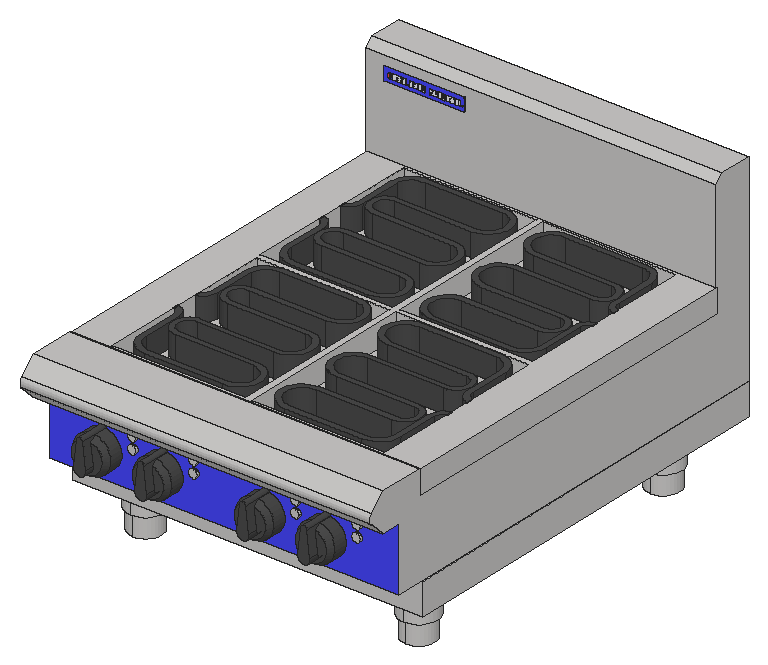
Revit family "QF_MOFFAT_BLUESEAL_CE_E514D-B", category Specialty Equipment, Revit 2012 (continued)
Definition of nested family "ELECTRIC BURNER 600"
  Automatic sketch dimensions
    Extrusion 2 sketch curve to Extrusion 2 sketch curve = 0.182 mm  (x8)
    Extrusion 2 sketch curve to Extrusion 2 sketch curve = 1.058 mm  (x6)
    Extrusion 2 sketch curve to Extrusion 2 sketch curve = 26.704 mm  (x6)
    Extrusion 2 sketch curve to Extrusion 2 sketch curve = 27.7 mm  (x14)
    Extrusion 2 sketch curve to Extrusion 2 sketch curve = 17.7 mm  (x8)
    Extrusion 2 sketch curve to Extrusion 2 sketch curve = 4.457 mm  (x2)
    Extrusion 2 sketch curve to Extrusion 2 sketch curve = 0.4 mm  (x2)
    Extrusion 2 sketch curve to Extrusion 2 sketch curve = 0.111 mm  (x4)
    Extrusion 2 sketch curve to Extrusion 2 sketch curve = 14.806 mm  (x2)
    Extrusion 2 sketch curve to Extrusion 2 sketch curve = 10.393 mm  (x2)
    Extrusion 2 sketch curve to Extrusion 2 sketch curve = 33.826 mm  (x2)
    Extrusion 2 sketch curve to Extrusion 2 sketch curve = 10.413 mm  (x4)
    Extrusion 2 sketch curve to Extrusion 2 sketch curve = 14.364 mm  (x2)
    Extrusion 2 sketch curve to Extrusion 2 sketch curve = 0.123 mm  (x4)
    Extrusion 2 sketch curve to Extrusion 2 sketch curve = 0.447 mm  (x4)
    Extrusion 2 sketch curve to plane 8 "Center X" = 4.75 mm  (x2)
    Extrusion 2 sketch curve to plane 8 "Center X" = 40.214 mm  (x2)
    Extrusion 2 sketch curve to Extrusion 2 sketch curve = 4.516 mm  (x2)
    Extrusion 2 sketch curve to Extrusion 2 sketch curve = 14.934 mm  (x2)
    Extrusion 2 sketch curve to Extrusion 2 sketch curve = 33.7 mm  (x2)
    Extrusion 2 sketch curve to Extrusion 2 sketch curve = 10.306 mm  (x2)
    Extrusion 2 sketch curve to Extrusion 2 sketch curve = 14.508 mm  (x2)
    Extrusion 2 sketch curve to Extrusion 2 sketch curve = 15.019 mm  (x2)
    plane 3 "LEFT" to Extrusion 2 sketch curve = 59.946 mm  (x2)
    plane 3 "LEFT" to Extrusion 2 sketch curve = 60.128 mm  (x2)
    Extrusion 2 sketch curve to Extrusion 2 sketch curve = 4.872 mm
    Extrusion 2 sketch curve to Extrusion 2 sketch curve = 5.667 mm  (x2)
    Extrusion 2 sketch curve to Extrusion 2 sketch curve = 5.484 mm
    Extrusion 2 sketch curve to Extrusion 2 sketch curve = 26.701 mm  (x4)
    Extrusion 2 sketch curve to Extrusion 2 sketch curve = 0.999 mm  (x6)
    Extrusion 2 sketch curve to Extrusion 2 sketch curve = 0.156 mm  (x2)
    Extrusion 2 sketch curve to Extrusion 2 sketch curve = 0.625 mm  (x2)
    Extrusion 2 sketch curve to Extrusion 2 sketch curve = 1.25 mm  (x4)
    Extrusion 2 sketch curve to plane 7 "Center Y" = 53.788 mm  (x3)
    plane 7 "Center Y" to Extrusion 2 sketch curve = 53.788 mm  (x3)
    plane 4 "RIGHT" to Extrusion 2 sketch curve = 114.862 mm
    plane 4 "RIGHT" to Extrusion 2 sketch curve = 114.237 mm
    Extrusion 2 sketch curve to Extrusion 2 sketch curve = 1.078 mm
    plane 4 "RIGHT" to Extrusion 2 sketch curve = 113.784 mm
    Extrusion 2 sketch curve to Extrusion 2 sketch curve = 0.453 mm
    Extrusion 2 sketch curve to Extrusion 2 sketch curve = 0.016 mm
    Extrusion 2 sketch curve to Extrusion 2 sketch curve = 0.172 mm  (x4)
    curve 1 to plane 4 "RIGHT" = 0.0 mm
    curve 1 to plane 3 "LEFT" = 0.0 mm
    plane 5 "FRONT" to curve 1 = 0.0 mm
    plane 3 "LEFT" to curve 3 = 65.8 mm
    curve 5 to plane 5 "FRONT" = 0.299 mm
    curve 5 to plane 7 "Center Y" = 5.638 mm
    plane 7 "Center Y" to curve 5 = 5.638 mm
    curve 7 to plane 8 "Center X" = 2.751 mm
    plane 4 "RIGHT" to curve 7 = 65.612 mm
    curve 4 to plane 8 "Center X" = 2.751 mm
    curve 10 to curve 16 = 0.0 mm  (x2)
    curve 12 to curve 14 = 0.0 mm  (x2)
    curve 18 to curve 44 = 0.0 mm  (x2)
    curve 22 to curve 40 = 0.0 mm  (x2)
    curve 26 to curve 36 = 0.0 mm  (x2)
    curve 30 to curve 32 = 0.0 mm  (x2)
    plane 7 "Center Y" to curve 44 = 53.788 mm
    curve 40 to curve 18 = 0.0 mm
    curve 37 to curve 23 = 0.0 mm
    plane 4 "RIGHT" to curve 39 = 114.237 mm
    plane 8 "Center X" to curve 28 = 10.75 mm
    plane 1 "BACK" to curve 17 = 9.75 mm
    curve 16 to curve 42 = 0.016 mm
    curve 41 to curve 21 = 0.156 mm
    curve 27 to curve 35 = 0.172 mm
    curve 39 to curve 23 = 0.625 mm
    curve 16 to curve 10 = 0.172 mm
    curve 9 to curve 10 = 0.999 mm
    curve 34 to curve 28 = 0.999 mm
    curve 10 to curve 10 = 26.701 mm
    curve 23 to curve 33 = 27.7 mm
    curve 11 to curve 14 = 10.0 mm
    curve 33 to curve 30 = 10.0 mm
    curve 15 to curve 14 = 10.3 mm
    curve 29 to curve 31 = 10.3 mm
    curve 15 to curve 14 = 15.784 mm
    curve 29 to curve 32 = 15.967 mm
    curve 27 to curve 36 = 10.0 mm
    curve 35 to curve 36 = 27.7 mm
    curve 25 to curve 38 = 17.7 mm
    curve 38 to curve 24 = 0.0 mm
    curve 30 to curve 23 = 4.516 mm
    curve 30 to curve 30 = 0.447 mm
    curve 29 to curve 32 = 0.123 mm
    curve 39 to curve 40 = 27.7 mm
    curve 32 to curve 13 = 33.826 mm
    curve 12 to curve 14 = 10.393 mm
    curve 13 to curve 12 = 14.296 mm
    curve 20 to curve 20 = 17.7 mm
    curve 42 to curve 20 = 0.0 mm
    curve 16 to curve 9 = 26.704 mm
    curve 46 to curve 72 = 0.0 mm  (x2)
    curve 50 to curve 68 = 0.0 mm  (x2)
    curve 54 to curve 64 = 0.0 mm  (x2)
    curve 56 to curve 62 = 0.0 mm  (x2)
    curve 58 to curve 60 = 0.0 mm  (x2)
    curve 74 to curve 80 = 0.0 mm  (x2)
    curve 76 to curve 78 = 0.0 mm  (x2)
    plane 3 "LEFT" to curve 58 = 59.946 mm
    plane 3 "LEFT" to curve 78 = 60.128 mm
    curve 76 to curve 77 = 5.484 mm
    curve 58 to curve 60 = 5.667 mm
    curve 58 to curve 60 = 15.967 mm
    curve 60 to curve 58 = 10.0 mm
    curve 75 to curve 80 = 10.0 mm
    curve 79 to curve 80 = 26.701 mm
    curve 57 to curve 62 = 26.701 mm
    curve 57 to curve 66 = 27.7 mm
    curve 79 to curve 69 = 27.7 mm
    curve 56 to curve 56 = 0.999 mm
    curve 74 to curve 45 = 0.999 mm
    curve 70 to curve 49 = 0.156 mm
    curve 80 to curve 73 = 0.172 mm
    curve 55 to curve 63 = 0.172 mm
    curve 66 to curve 52 = 0.625 mm
    curve 64 to plane 7 "Center Y" = 53.788 mm
    curve 51 to curve 64 = 0.0 mm
    plane 1 "BACK" to curve 73 = 9.75 mm
    plane 8 "Center X" to curve 63 = 10.75 mm
    curve 62 to curve 55 = 10.0 mm
    curve 54 to curve 64 = 27.7 mm
    curve 65 to curve 52 = 17.7 mm
    curve 66 to curve 52 = 0.0 mm
    curve 58 to curve 66 = 4.516 mm
    curve 58 to curve 60 = 0.447 mm
    curve 60 to curve 58 = 0.123 mm
    curve 50 to curve 68 = 27.7 mm
    curve 58 to curve 77 = 33.826 mm
    curve 77 to curve 76 = 10.393 mm
    curve 76 to curve 78 = 14.296 mm
    curve 69 to curve 70 = 17.7 mm
    curve 70 to curve 48 = 0.0 mm
    curve 74 to curve 80 = 26.704 mm
    curve 84 to curve 102 = 0.0 mm  (x2)
    curve 88 to curve 98 = 0.0 mm  (x2)
    curve 90 to curve 96 = 0.0 mm  (x2)
    curve 92 to curve 94 = 0.0 mm  (x2)
    curve 106 to curve 116 = 0.0 mm  (x2)
    curve 108 to curve 114 = 0.0 mm  (x2)
    curve 110 to curve 112 = 0.0 mm  (x2)
    plane 3 "LEFT" to curve 110 = 59.946 mm
    plane 3 "LEFT" to curve 92 = 60.128 mm
    curve 92 to curve 92 = 4.872 mm
    curve 110 to curve 112 = 5.667 mm
    curve 2 to curve 96 = 10.112 mm
    curve 3 to curve 108 = 10.112 mm
    curve 110 to curve 112 = 10.0 mm
    curve 94 to curve 91 = 10.0 mm
    curve 91 to curve 96 = 26.701 mm
    curve 113 to curve 108 = 26.701 mm
    curve 90 to curve 90 = 0.999 mm
    curve 90 to curve 99 = 0.999 mm
    curve 112 to curve 103 = 27.7 mm
    curve 114 to plane 8 "Center X" = 14.75 mm
    curve 114 to curve 62 = 0.172 mm
    curve 115 to curve 108 = 0.172 mm
    curve 90 to curve 97 = 0.172 mm
    curve 104 to curve 82 = 1.25 mm
    curve 100 to curve 87 = 1.25 mm
    curve 85 to plane 7 "Center Y" = 53.788 mm
    curve 89 to plane 5 "FRONT" = 25.75 mm
    curve 89 to plane 7 "Center Y" = 53.788 mm
    curve 105 to curve 103 = 0.0 mm
    curve 97 to curve 90 = 10.0 mm
    curve 89 to curve 95 = 25.464 mm
    curve 89 to curve 88 = 27.7 mm
    curve 100 to curve 86 = 17.7 mm
    curve 100 to curve 86 = 0.0 mm
    curve 92 to curve 100 = 4.457 mm
    curve 92 to curve 94 = 0.4 mm
    curve 94 to curve 92 = 0.111 mm
    curve 84 to curve 84 = 27.7 mm
    curve 93 to curve 111 = 33.7 mm
    curve 112 to curve 110 = 10.413 mm
    curve 110 to curve 113 = 14.364 mm
    curve 103 to curve 104 = 17.7 mm
    curve 104 to curve 82 = 0.0 mm
    curve 108 to curve 114 = 26.704 mm
    curve 120 to curve 138 = 0.0 mm  (x2)
    curve 124 to curve 134 = 0.0 mm  (x2)
    curve 126 to curve 132 = 0.0 mm  (x2)
    curve 128 to curve 130 = 0.0 mm  (x2)
    curve 142 to curve 152 = 0.0 mm  (x2)
    curve 144 to curve 150 = 0.0 mm  (x2)
    curve 146 to curve 148 = 0.0 mm  (x2)
    plane 7 "Center Y" to curve 141 = 53.788 mm
    curve 139 to curve 117 = 0.0 mm
    curve 135 to curve 120 = 0.0 mm
    plane 4 "RIGHT" to curve 136 = 114.862 mm
    curve 139 to curve 136 = 0.0 mm
    curve 151 to plane 8 "Center X" = 4.75 mm
    curve 151 to curve 28 = 0.0 mm
    curve 126 to plane 5 "FRONT" = 15.75 mm
    curve 126 to curve 7 = 48.172 mm
    curve 126 to curve 132 = 0.172 mm
    curve 141 to curve 117 = 1.25 mm
    curve 151 to curve 143 = 0.172 mm
    curve 135 to curve 123 = 1.25 mm
    curve 144 to curve 144 = 0.999 mm
    curve 133 to curve 126 = 0.999 mm
    curve 144 to curve 144 = 26.701 mm
    curve 126 to curve 132 = 26.701 mm
    curve 130 to curve 128 = 10.0 mm
    curve 146 to curve 148 = 10.0 mm
    curve 148 to curve 148 = 10.3 mm
    curve 127 to curve 129 = 10.912 mm
    curve 127 to curve 128 = 15.784 mm
    curve 147 to curve 146 = 5.667 mm
    curve 126 to curve 133 = 10.0 mm
    curve 132 to curve 127 = 25.464 mm
    curve 133 to curve 124 = 27.7 mm
    curve 123 to curve 122 = 17.7 mm
    curve 136 to curve 122 = 0.0 mm
    curve 128 to curve 121 = 4.457 mm
    curve 128 to curve 127 = 0.4 mm
    curve 128 to curve 130 = 0.111 mm
    curve 137 to curve 120 = 27.7 mm
    curve 130 to curve 146 = 33.7 mm
    curve 147 to curve 147 = 10.413 mm
    curve 147 to curve 146 = 14.364 mm
    curve 119 to curve 118 = 17.7 mm
    curve 140 to curve 118 = 0.0 mm
    curve 144 to curve 143 = 26.704 mm
    plane 1 "BACK" to Extrusion 1 sketch curve = 0.0 mm
    Extrusion 1 sketch curve to plane 9 = 0.0 mm  (x2)
    Extrusion 1 sketch curve to plane 3 "LEFT" = 0.0 mm
    plane 5 "FRONT" to Extrusion 1 sketch curve = 0.0 mm
    Extrusion 1 sketch curve to plane 4 "RIGHT" = 0.0 mm
    plane 1 "BACK" to Extrusion 1 sketch curve = 5.0 mm  (x2)
    plane 8 "Center X" to Extrusion 1 sketch curve = 4.849 mm  (x2)
    Extrusion 1 sketch curve to plane 8 "Center X" = 2.751 mm  (x2)
    Extrusion 1 sketch curve to plane 5 "FRONT" = 5.0 mm  (x2)
    Extrusion 1 sketch curve to plane 7 "Center Y" = 5.638 mm  (x2)
    plane 7 "Center Y" to Extrusion 1 sketch curve = 5.638 mm  (x2)
    plane 4 "RIGHT" to Extrusion 1 sketch curve = 65.612 mm  (x2)
    plane 7 "Center Y" to curve 6 = 5.638 mm
    curve 4 to plane 7 "Center Y" = 5.638 mm
    curve 28 to curve 34 = 0.0 mm  (x2)
    curve 76 to curve 75 = 15.784 mm
    curve 45 to plane 7 "Center Y" = 53.788 mm
    curve 151 to curve 6 = 48.172 mm
    plane 4 "RIGHT" to curve 17 = 113.784 mm
    curve 55 to curve 62 = 25.464 mm
    curve 34 to curve 29 = 25.464 mm
    plane 1 "BACK" to curve 155 = 0.0 mm
    curve 159 to plane 5 "FRONT" = 5.0 mm
    curve 162 to plane 5 "FRONT" = 5.0 mm
    plane 7 "Center Y" to curve 166 = 5.638 mm
    curve 168 to curve 6 = 0.0 mm
    plane 8 "Center X" to curve 167 = 4.849 mm
    plane 1 "BACK" to curve 165 = 5.0 mm
    curve 172 to curve 3 = 0.0 mm
    curve 171 to plane 7 "Center Y" = 5.638 mm
    plane 8 "Center X" to curve 169 = 4.849 mm
    plane 1 "BACK" to curve 171 = 5.0 mm
